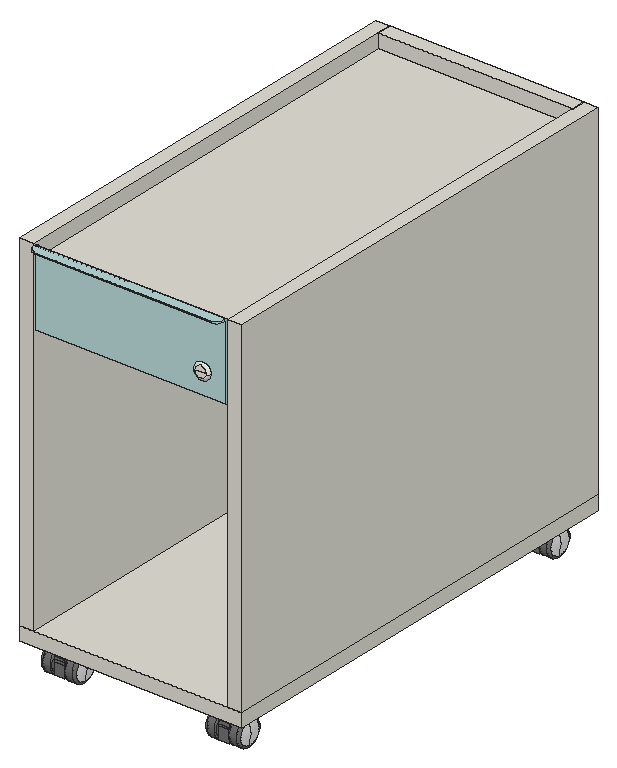
Revit family "Haworth_BeHold_Modular_SlimPedestal", category Furniture Systems, Revit 2018
Family settings
  Round Connector Dimension = Use Diameter
  Part Type = Normal
  OmniClass Number = 23.40.70.14.64.21
  OmniClass Title = Systems Furniture
  Work Plane-Based = No
  Always vertical = Yes
  Cut with Voids When Loaded = No
  Shared = No
  Room Calculation Point = No
Parameters (values of type "Mobile - Drawer/Open - Inset Back - 24d")
  With Lock = yes
  With Leg = no
  Warranty = "http://www.haworth.com/resources/product-info/warranties"
  URL - Product = "https://www.haworth.com/na/en/products/active-storage/be-hold.html"
  URL = "www.haworth.com"
  Two High = not(One and One Half High)  # no
  Trim Finish [instance] = Haworth _ Paint _ Smooth Plaster
  Top Visibility Control = Attached  # no
  Top Thickness = if(Attached, 1 31/256", 3/4")  # 3/4"
  Top Hinged Door Dimension = if(Attached, 1/8", 0")  # 0"
  Top Finish [instance] = Haworth _ Laminate _ Beige H-34
  Top Case Front Control = if(Hinged Doors, Case Thickness, 1/8")  # 1/8"
  Top Case Back Control = if(and(Inset Style, Attached), 3/16", 0")  # 0"
  Sustainability Info = "https://www.haworth.com/company-info/sustainability"
  Suspended = no
  Standard Heights = if(Attached, "2H", "1.5H")  # "1.5H"
  Standard Back = if(Attached, "Proud Back or Inset Back", "Inset Back")  # "Inset Back"
  Size = "Verify Final Dim. w/ Haworth"  # constant formula
  Side Case Front Control = if(Hinged Doors, Case Thickness, 0")  # 0"
  Side Case Back Control = if(Proud Style, Case Thickness, 0")  # 0"
  Shelf Finish [instance] = Haworth _ Paint _ Sky Blue
  Shelf = no
  Revision Number = "1"  # constant formula
  Proud Style = not(Inset Style)  # no
  Pedestal Shelf Offset = 13 3/16"  # constant formula
  Pedestal Shelf Depth = Actual Depth - Case Thickness  # 23 1/4"
  One and One Half High = yes
  Model = "Haworth Be_Hold"  # constant formula
  Mobile = yes
  Min. Width = 12"  # constant formula
  Min. Height = 20"  # constant formula
  Min. Depth = 16"  # constant formula
  Max. Width = 12"  # constant formula
  Max. Depth = 30"  # constant formula
  Max. Height = 28"  # constant formula
  Manufacturer = "Haworth"  # constant formula
  Leg Height = 6"  # constant formula
  Inset Style = yes
  Hinged Lock Offset = 1 3/4"  # constant formula
  Hinged Doors = not(Drawer and Open)  # no
  Hinge Door Lock Control = and(Hinged Doors, With Lock)  # no
  Glide Finish = Haworth _ Polymer _ Slate
  Glide Control = and(Attached, not(With Leg))  # no
  Front Finish [instance] = Haworth _ Laminate _ Beige H-34
  Front Edge Finish [instance] = Haworth _ Laminate _ Beige H-34
  Drawer and Open = yes
  Drawer Width = 10 9/32"  # constant formula
  Drawer Height = 4 1/8"  # constant formula
  Drawer Finish [instance] = Haworth _ Paint _ Sky Blue
  Description = "Haworth - Be_Hold - Slim Pedestal - Mobile - Drawer/Open"
  Depth = 24"
  Custom Size = not(or(and(Suspended, One and One Half High, Depth = 17"), and(Mobile, One and One Half High, or(Depth = 18", Depth = 24")), and(Attached, Two High, or(Depth = 16", Depth = 18", Depth = 24", Depth = 30"))))  # no
  Casters Side Offset = 1 9/16"  # constant formula
  Caster Front Offset = 1 7/8"  # constant formula
  Caster Finish = Haworth _ Polymer _ Slate
  Caster Back Offset = 1 3/16"  # constant formula
  Case Thickness = 3/4"  # constant formula
  Suspended Height Control = if(Suspended, 2", 0")  # 0"
  Case Height = if(Suspended, 18", if(Attached, 27 3/8", 19 1/2"))  # 19 1/2"
  Case Finish [instance] = Haworth _ Laminate _ Beige H-34
  Case Edge Finish [instance] = Haworth _ Laminate _ Beige H-34
  Bottom Case Offset = if(Mobile, 1 3/4", if(and(Attached, not(With Leg)), 1/2", if(and(Attached, With Leg), 6", 7 7/8")))  # 1 3/4"
  Back Case Side Control = if(Proud Style, 0", Case Thickness)  # 3/4"
  Back Case Back Control = if(and(Inset Style, Attached), 3/16", 0")  # 0"
  Author = "Haworth (Alias)"  # constant formula
  Attached = not(or(Mobile, Suspended))  # no
  Assembly Code = "E2020200"
  Actual Width = 12"  # constant formula
  Actual Pedestal Shelf = and(Shelf, Attached, Drawer and Open, Two High, Actual Depth > 17")  # no
  Actual Mounting Height = if(Suspended, 27 7/8", 0")  # 0"
  Actual Leg Control = and(With Leg, Attached)  # no
  Actual Height = if(and(Two High, Attached), 27 7/8", if(and(Mobile, One and One Half High), 21 1/4", 20"))  # 21 1/4"
  Actual Depth = if(Depth > Max. Depth, Max. Depth, if(Depth < Min. Depth, Min. Depth, Depth))  # 24"
  Standard Depths = if(Suspended, "17 in.", if(Mobile, "18, 24 in.", "16, 18, 24, 30 in."))  # "18, 24 in."
Types (6): name | Two High | Top Visibility Control | Top Thickness | Top Hinged Door Dimension | Top Case Front Control | Suspended | Standard Heights | Standard Back | Side Case Front Control | Side Case Back Control | Shelf | Proud Style | Pedestal Shelf Depth | One and One Half High | Mobile | Inset Style | Hinged Doors | Hinge Door Lock Control | Glide Control | Drawer and Open | Description | Depth | Suspended Height Control | Case Height | Bottom Case Offset | Back Case Side Control | Attached | Actual Pedestal Shelf | Actual Mounting Height | Actual Height | Actual Depth | Standard Depths
  Attached - Drawer/Open - Proud Back - 30d | yes | yes | 1 31/256" | 1/8" | 1/8" | no | "2H" | "Proud Back or Inset Back" | 0" | 3/4" | yes | yes | 29 1/4" | no | no | no | no | no | yes | yes | "Haworth - Be_Hold - Slim Pedestal - Attached - Drawer/Open" | 30" | 0" | 27 3/8" | 1/2" | 0" | yes | yes | 0" | 27 7/8" | 30" | "16, 18, 24, 30 in."
  Attached - Hinged Door - Proud Back - 30d | yes | yes | 1 31/256" | 1/8" | 3/4" | no | "2H" | "Proud Back or Inset Back" | 3/4" | 3/4" | no | yes | 29 1/4" | no | no | no | yes | yes | yes | no | "Haworth - Be_Hold - Slim Pedestal - Attached - Hinged Door" | 30" | 0" | 27 3/8" | 1/2" | 0" | yes | no | 0" | 27 7/8" | 30" | "16, 18, 24, 30 in."
  Suspended - Drawer/Open - Inset Back - 17d | no | no | 3/4" | 0" | 1/8" | yes | "1.5H" | "Inset Back" | 0" | 0" | no | no | 16 1/4" | yes | no | yes | no | no | no | yes | "Haworth - Be_Hold - Slim Pedestal - Suspended - Drawer/Open" | 17" | 2" | 18" | 7 7/8" | 3/4" | no | no | 27 7/8" | 20" | 17" | "17 in."
  Suspended - Hinged Door - Inset Back - 17d | no | no | 3/4" | 0" | 3/4" | yes | "1.5H" | "Inset Back" | 3/4" | 0" | no | no | 16 1/4" | yes | no | yes | yes | yes | no | no | "Haworth - Be_Hold - Slim Pedestal - Suspended - Hinged Door" | 17" | 2" | 18" | 7 7/8" | 3/4" | no | no | 27 7/8" | 20" | 17" | "17 in."
  Mobile - Drawer/Open - Inset Back - 24d | no | no | 3/4" | 0" | 1/8" | no | "1.5H" | "Inset Back" | 0" | 0" | no | no | 23 1/4" | yes | yes | yes | no | no | no | yes | "Haworth - Be_Hold - Slim Pedestal - Mobile - Drawer/Open" | 24" | 0" | 19 1/2" | 1 3/4" | 3/4" | no | no | 0" | 21 1/4" | 24" | "18, 24 in."
  Mobile - Hinged Door - Inset Back - 24d | no | no | 3/4" | 0" | 3/4" | no | "1.5H" | "Inset Back" | 3/4" | 0" | no | no | 23 1/4" | yes | yes | yes | yes | yes | no | no | "Haworth - Be_Hold - Slim Pedestal - Mobile - Hinged Door" | 24" | 0" | 19 1/2" | 1 3/4" | 3/4" | no | no | 0" | 21 1/4" | 24" | "18, 24 in."
Reference planes (in)
  plane 1: z = 0
  plane 2 "Center L/R": x = -6.17556
  plane 3 "Center F/B": y = -11.5
  plane 4 "Top": z = 21.25
  plane 5 "Back": y = 0.5
  plane 6 "Front": y = -23.5
  plane 7 "Right": x = -0.17556
  plane 8 "Left": x = -12.17556
  plane 9 "Case Inside Left": x = -11.42556
  plane 10 "Case Inside Right": x = -0.92556
  plane 11 "Case Inside Back": y = -0.25
  plane 12 "Case Bottom": z = 1.75
  plane 13 "Casters Left": x = -10.61306
  plane 14 "Casters Right": x = -1.73806
  plane 15 "Case Inside Front": y = -22.75
  plane 16 "Inside Case Bottom": z = 2.5
  plane 17 "Inside Case Top": z = 20.5
  plane 18 "Below Top Liner": z = 19.75
  plane 19 "Caster Front": y = -21.625
  plane 20 "Caster Back": y = -0.6875
  plane 21 "Lock T/B": z = 19.5
  plane 22 "Lock L/R": x = -1.92556
  plane 23 "Steel Shelf": z = 15.6875
Forms (in)
  Sweep 1, solid, material "Haworth _ Polymer _ Slate" <- "Glide Finish", visible <- "Glide Control"
    path origin (-11.42556, 0, 0) x (0, 1, 0) y (0, 0, 1)
      loop
        line (-22.75, 1.75) -> (-22.75, 1.25)
    profile origin (-11.42556, -22.75, 1.5) x (1, 0, 0) y (0, 1, 0)
      loop
        line (0, 2.00197) -> (0, 0.25)
        arc (0, 0.25) -> (0.07322, 0.07322) -> (0.25, 0) r 0.25
        line (0.25, 0) -> (2.00197, 0)
        arc (2.00197, 0) -> (2.17875, 0.07322) -> (2.25197, 0.25) r 0.25
        line (2.25197, 0.25) -> (2.25197, 0.70079) -> (0.70079, 2.25197) -> (0.25, 2.25197)
        arc (0.25, 2.25197) -> (0.07322, 2.17875) -> (0, 2.00197) r 0.25
  Sweep 2, solid, material "Haworth _ Polymer _ Slate" <- "Glide Finish", visible <- "Glide Control"
    path origin (-11.42556, -23, 0) x (0, -1, 0) y (0, 0, 1)
      loop
        line (-22.75, 1.75) -> (-22.75, 1.25)
    profile origin (-11.42556, -0.25, 1.5) x (1, 0, 0) y (0, 1, 0)
      loop
        arc (0, -2.00197) -> (0.07322, -2.17875) -> (0.25, -2.25197) r 0.25
        line (0.25, -2.25197) -> (0.70079, -2.25197) -> (2.25197, -0.70079) -> (2.25197, -0.25)
        arc (2.25197, -0.25) -> (2.17875, -0.07322) -> (2.00197, 0) r 0.25
        line (2.00197, 0) -> (0.25, 0)
        arc (0.25, 0) -> (0.07322, -0.07322) -> (0, -0.25) r 0.25
        line (0, -0.25) -> (0, -2.00197)
  Sweep 3, solid, material "Haworth _ Polymer _ Slate" <- "Glide Finish", visible <- "Glide Control"
    path origin (-0.92556, 0, 0) x (0, -1, 0) y (0, 0, 1)
      loop
        line (22.75, 1.75) -> (22.75, 1.25)
    profile origin (-0.92556, -22.75, 1.5) x (-1, 0, 0) y (0, -1, 0)
      loop
        arc (0, -2.00197) -> (0.07322, -2.17875) -> (0.25, -2.25197) r 0.25
        line (0.25, -2.25197) -> (0.70079, -2.25197) -> (2.25197, -0.70079) -> (2.25197, -0.25)
        arc (2.25197, -0.25) -> (2.17875, -0.07322) -> (2.00197, 0) r 0.25
        line (2.00197, 0) -> (0.25, 0)
        arc (0.25, 0) -> (0.07322, -0.07322) -> (0, -0.25) r 0.25
        line (0, -0.25) -> (0, -2.00197)
  Sweep 4, solid, material "Haworth _ Polymer _ Slate" <- "Glide Finish", visible <- "Glide Control"
    path origin (-0.92556, 0, 0) x (0, -1, 0) y (0, 0, 1)
      loop
        line (0.25, 1.75) -> (0.25, 1.25)
    profile origin (-0.92556, -0.25, 1.5) x (-1, 0, 0) y (0, -1, 0)
      loop
        line (0, 2.00197) -> (0, 0.25)
        arc (0, 0.25) -> (0.07322, 0.07322) -> (0.25, 0) r 0.25
        line (0.25, 0) -> (2.00197, 0)
        arc (2.00197, 0) -> (2.17875, 0.07322) -> (2.25197, 0.25) r 0.25
        line (2.25197, 0.25) -> (2.25197, 0.70079) -> (0.70079, 2.25197) -> (0.25, 2.25197)
        arc (0.25, 2.25197) -> (0.07322, 2.17875) -> (0, 2.00197) r 0.25
  Extrusion 5, solid, material "Haworth _ Laminate _ Beige H-34" <- "Case Finish"
    sketch origin (0, 0, 0) x (1, 0, 0) y (0, 1, 0)
      loop
        line (-12.17556, 0.5) -> (-12.17556, -23.5) -> (-0.17556, -23.5) -> (-0.17556, 0.5) -> (-12.17556, 0.5)
    from 1.75 to 2.5
  Sweep 6, solid, material "Haworth _ Laminate _ Beige H-34" <- "Case Finish"
    path origin (0, 0, 1.75) x (0, -1, 0) y (1, 0, 0)
      loop
        line (23.5, -12.17556) -> (23.5, -11.42556)
    profile origin (-11.80056, -23.5, 1.75) x (0, 1, 0) y (0, 0, 1)
      loop
        line (0, 19.5) -> (0, 0.75) -> (24, 0.75) -> (24, 19.5) -> (0, 19.5)
  Sweep 7, solid, material "Haworth _ Laminate _ Beige H-34" <- "Case Finish"
    path origin (-12.35111, 0, 1.75) x (0, -1, 0) y (-1, 0, 0)
      loop
        line (23.5, -12.17556) -> (23.5, -11.42556)
    profile origin (-0.55056, -23.5, 1.75) x (0, -1, 0) y (0, 0, 1)
      loop
        line (0, 19.5) -> (-24, 19.5) -> (-24, 0.75) -> (0, 0.75) -> (0, 19.5)
  Sweep 8, solid, material "Haworth _ Laminate _ Beige H-34" <- "Case Finish"
    path origin (0, 0, 1.75) x (0, -1, 0) y (1, 0, 0)
      loop
        line (0.25, -6.17556) -> (-0.5, -6.17556)
    profile origin (-6.17556, 0.125, 1.75) x (-1, 0, 0) y (0, 0, 1)
      loop
        line (-5.25, 0.75) -> (5.25, 0.75) -> (5.25, 19.5) -> (-5.25, 19.5) -> (-5.25, 0.75)
  Extrusion 9, solid, material "Haworth _ Laminate _ Beige H-34" <- "Top Finish"
    sketch origin (0, 0, 1.75) x (0, -1, 0) y (1, 0, 0)
      loop
        line (0.25, -11.42556) -> (23.375, -11.42556) -> (23.375, -0.92556) -> (0.25, -0.92556) -> (0.25, -11.42556)
    from 18 to 18.75
  Extrusion 10, solid, material "Haworth _ Laminate _ Beige H-34" <- "Top Finish", visible <- "Top Visibility Control"
    sketch origin (0, 0, 1.75) x (0, -1, 0) y (1, 0, 0)
      loop
        line (0.25, -11.42556) -> (23.375, -11.42556) -> (23.375, -0.92556) -> (0.25, -0.92556) -> (0.25, -11.42556)
    from 18.75 to 19.5
  Sweep 11, solid, material "Haworth _ Laminate _ Beige H-34" <- "Front Finish", visible <- "Hinged Doors"
    path origin (0, 0, 1.75) x (0, -1, 0) y (1, 0, 0)
      loop
        line (23.5, -6.17556) -> (22.75, -6.17556)
    profile origin (-6.17556, -23.125, 1.75) x (-1, 0, 0) y (0, 0, 1)
      loop
        line (5.9375, 19.5) -> (-5.9375, 19.5) -> (-5.9375, 0.875) -> (5.9375, 0.875) -> (5.9375, 19.5)
  Revolve 12, solid, material "Haworth _ Paint _ Smooth Plaster" <- "Trim Finish", visible <- "Hinge Door Lock Control"
    sketch origin (0, 0, 19.5) x (0, -1, 0) y (1, 0, 0)
      loop
        line (23.62502, -1.92556) -> (23.62502, -1.62371)
        arc (23.62502, -1.62371) -> (23.58899, -1.53148) -> (23.5, -1.48807) r 0.13609
        line (23.5, -1.48807) -> (23.5, -1.92556) -> (23.62502, -1.92556)
      axis (23.5, -1.92556) -> (23.62502, -1.92556)
    angle from 0 to 360
  Sweep 13, solid, material "Haworth _ Paint _ Smooth Plaster" <- "Trim Finish", visible <- "Suspended"
    path origin (0, 0, 20.5) x (0, -1, 0) y (1, 0, 0)
      loop
        line (0.25, -11.42556) -> (0.25, -0.92556)
    profile origin (-6.17556, -0.25, 20.5) x (0, 1, 0) y (0, 0, 1)
      loop
        arc (-8.38053, 0.09) -> (-8.40138, 0.09864) -> (-8.41001, 0.11948) r 0.02949
        line (-8.41001, 0.11948) -> (-8.41001, 2.62878)
        arc (-8.41001, 2.62878) -> (-8.40078, 2.65108) -> (-8.37848, 2.66031) r 0.03153
        line (-8.37848, 2.66031) -> (-7.00001, 2.66031) -> (-7.00001, 2.75031) -> (-8.37639, 2.75031)
        arc (-8.37639, 2.75031) -> (-8.4638, 2.71411) -> (-8.50001, 2.6267) r 0.12361
        line (-8.50001, 2.6267) -> (-8.50001, 0.1237)
        arc (-8.50001, 0.1237) -> (-8.46378, 0.03623) -> (-8.37631, 0) r 0.1237
        line (-8.37631, 0) -> (-0.125, 0)
        arc (-0.125, 0) -> (-0.03661, 0.03661) -> (0, 0.125) r 0.125
        line (0, 0.125) -> (0, 2.62479)
        arc (0, 2.62479) -> (-0.03676, 2.71355) -> (-0.12552, 2.75031) r 0.12552
        line (-0.12552, 2.75031) -> (-1.5, 2.75031) -> (-1.5, 2.66031) -> (-0.12098, 2.66031)
        arc (-0.12098, 2.66031) -> (-0.09907, 2.65124) -> (-0.09, 2.62933) r 0.03098
        line (-0.09, 2.62933) -> (-0.09, 0.12032)
        arc (-0.09, 0.12032) -> (-0.09888, 0.09888) -> (-0.12032, 0.09) r 0.03032
        line (-0.12032, 0.09) -> (-8.38053, 0.09)
Lines and regions (in)
  Masking region 1
    outline origin (0, 0, 20.5) x (0, -1, 0) y (1, 0, 0)
      loop
        line (-0.5, -12.17556) -> (23.5, -12.17556) -> (23.5, -0.17556) -> (-0.5, -0.17556) -> (-0.5, -12.17556)
  symbolic lines, style "Haworth", visible <- "Hinged Doors", detail levels medium+fine
    curve 1: line (-12.17556, -22.75, 20.5) -> (-0.17556, -22.75, 20.5)
    curve 2: line (-0.17556, -23.5, 20.5) -> (-11.64593, -26.57348, 20.5)
Dimensions and locks (in)
  equal spacing: plane 8 "Left", plane 2 "Center L/R", plane 7 "Right"
  "Actual Width": plane 8 "Left" to plane 7 "Right"
  equal spacing: plane 5 "Back", plane 3 "Center F/B", plane 6 "Front"
  "Actual Depth": plane 5 "Back" to plane 6 "Front"
  "Case Thickness": plane 9 "Case Inside Left" to plane 8 "Left"
  "Case Thickness": plane 10 "Case Inside Right" to plane 7 "Right"
  "Bottom Case Offset": plane 12 "Case Bottom" to plane 1
  "Casters Side Offset": plane 13 "Casters Left" to plane 8 "Left"
  "Casters Side Offset": plane 14 "Casters Right" to plane 7 "Right"
  "Case Thickness": plane 11 "Case Inside Back" to plane 5 "Back"
  "Case Thickness": plane 6 "Front" to plane 15 "Case Inside Front"
  locked: Sweep 1 sketch curve to plane 12 "Case Bottom" at 0.5
  locked: Sweep 2 sketch curve to plane 12 "Case Bottom" at 0.5
  locked: Sweep 4 sketch curve to plane 12 "Case Bottom" at 0.5
  locked: Sweep 3 sketch curve to plane 12 "Case Bottom" at 0.5
  "Case Thickness": plane 16 "Inside Case Bottom" to plane 12 "Case Bottom"
  "Case Thickness": plane 17 "Inside Case Top" to plane 18 "Below Top Liner"
  "Top Thickness": plane 4 "Top" to plane 17 "Inside Case Top"
  "Side Case Back Control": Sweep 6 sketch curve to plane 5 "Back"
  "Side Case Front Control": plane 6 "Front" to Sweep 6 sketch curve
  "Side Case Front Control": plane 6 "Front" to Sweep 7 sketch curve
  "Side Case Back Control": Sweep 7 sketch curve to plane 5 "Back"
  "Back Case Side Control": Sweep 8 sketch curve to plane 7 "Right"
  "Back Case Side Control": Sweep 8 sketch curve to plane 8 "Left"
  locked: Extrusion 9 sketch curve to plane 6 "Front" at 0.125
  locked: Sweep 11 sketch curve to plane 7 "Right" at 0.0625
  locked: Sweep 11 sketch curve to plane 8 "Left" at 0.0625
  "Caster Back Offset": plane 20 "Caster Back" to plane 5 "Back"
  "Caster Front Offset": plane 6 "Front" to plane 19 "Caster Front"
  "Hinged Lock Offset": plane 4 "Top" to plane 21 "Lock T/B"
  "Hinged Lock Offset": plane 7 "Right" to plane 22 "Lock L/R"
  locked: Revolve 12 sketch curve to plane 6 "Front" at 0.12502
  locked: plane 22 "Lock L/R" to Revolve 12 sketch curve at 0.43748
  "Top Case Front Control": Extrusion 10 sketch curve to plane 6 "Front"
  "Case Height": plane 4 "Top" to plane 12 "Case Bottom"
  locked: Sweep 11 sketch curve to plane 16 "Inside Case Bottom" at 0.125
  "Top Hinged Door Dimension": plane 4 "Top" to Sweep 11 sketch curve
  "Case Thickness": Sweep 8 sketch curve to Sweep 8 sketch curve
  "Back Case Back Control": plane 5 "Back" to Sweep 8 sketch curve
  "Top Case Back Control": Extrusion 10 sketch curve to plane 11 "Case Inside Back"
  "Pedestal Shelf Offset": plane 23 "Steel Shelf" to plane 16 "Inside Case Bottom"
  "Top Case Back Control": nested 6 to plane 11 "Case Inside Back"
  aligned and locked: Sweep 1 sketch curve to plane 15 "Case Inside Front"
  aligned and locked: plane 12 "Case Bottom" to Sweep 1 sketch curve
  aligned and locked: plane 11 "Case Inside Back" to Sweep 2 sketch curve
  aligned and locked: plane 12 "Case Bottom" to Sweep 2 sketch curve
  aligned and locked: plane 11 "Case Inside Back" to Sweep 4 sketch curve
  aligned and locked: plane 12 "Case Bottom" to Sweep 4 sketch curve
  aligned and locked: Sweep 3 sketch curve to plane 15 "Case Inside Front"
  aligned and locked: plane 12 "Case Bottom" to Sweep 3 sketch curve
  aligned and locked: Extrusion 5 sketch curve to plane 7 "Right"
  aligned and locked: Extrusion 5 sketch curve to plane 5 "Back"
  aligned and locked: plane 8 "Left" to Extrusion 5 sketch curve
  aligned and locked: plane 6 "Front" to Extrusion 5 sketch curve
  aligned and locked: plane 12 "Case Bottom" to Extrusion 5
  aligned and locked: plane 16 "Inside Case Bottom" to Extrusion 5
  aligned and locked: plane 8 "Left" to Sweep 6 sketch curve
  aligned and locked: Sweep 6 sketch curve to plane 9 "Case Inside Left"
  aligned and locked: Sweep 6 sketch curve to plane 6 "Front"
  aligned and locked: Sweep 6 sketch curve to plane 4 "Top"
  aligned and locked: plane 16 "Inside Case Bottom" to Sweep 6 sketch curve
  aligned and locked: plane 6 "Front" to Sweep 7 sketch curve
  aligned and locked: plane 7 "Right" to Sweep 7 sketch curve
  aligned and locked: plane 10 "Case Inside Right" to Sweep 7 sketch curve
  aligned and locked: plane 16 "Inside Case Bottom" to Sweep 7 sketch curve
  aligned and locked: Sweep 7 sketch curve to plane 4 "Top"
  aligned and locked: plane 2 "Center L/R" to Sweep 8 sketch curve
  aligned and locked: plane 4 "Top" to Sweep 8 sketch curve
  aligned and locked: Sweep 8 sketch curve to plane 16 "Inside Case Bottom"
  aligned and locked: Extrusion 9 sketch curve to plane 10 "Case Inside Right"
  aligned and locked: Extrusion 9 sketch curve to plane 9 "Case Inside Left"
  aligned and locked: plane 11 "Case Inside Back" to Extrusion 9 sketch curve
  aligned and locked: Extrusion 9 to plane 17 "Inside Case Top"
  aligned and locked: plane 18 "Below Top Liner" to Extrusion 9
  aligned and locked: Extrusion 10 sketch curve to plane 10 "Case Inside Right"
  aligned and locked: Extrusion 10 sketch curve to plane 9 "Case Inside Left"
  aligned and locked: plane 4 "Top" to Extrusion 10
  aligned and locked: plane 17 "Inside Case Top" to Extrusion 10
  aligned and locked: plane 6 "Front" to Sweep 11 sketch curve
  aligned and locked: plane 15 "Case Inside Front" to Sweep 11 sketch curve
  aligned and locked: plane 2 "Center L/R" to Sweep 11 sketch curve
  aligned and locked: nested 1 to plane 6 "Front"
  aligned and locked: plane 4 "Top" to nested 1
  aligned and locked: plane 2 "Center L/R" to nested 1
  aligned and locked: nested 4 to plane 12 "Case Bottom"
  aligned and locked: nested 2 to plane 12 "Case Bottom"
  aligned and locked: nested 5 to plane 12 "Case Bottom"
  aligned and locked: nested 3 to plane 12 "Case Bottom"
  aligned and locked: plane 20 "Caster Back" to nested 4
  aligned and locked: plane 20 "Caster Back" to nested 5
  aligned and locked: nested 2 to plane 19 "Caster Front"
  aligned and locked: nested 3 to plane 19 "Caster Front"
  aligned and locked: nested 2 to plane 13 "Casters Left"
  aligned and locked: plane 13 "Casters Left" to nested 4
  aligned and locked: nested 3 to plane 14 "Casters Right"
  aligned and locked: nested 5 to plane 14 "Casters Right"
  aligned and locked: Revolve 12 sketch curve to plane 22 "Lock L/R"  (x2)
  aligned and locked: Revolve 12 sketch curve to plane 6 "Front"
  aligned and locked: plane 11 "Case Inside Back" to Sweep 13 sketch curve
  aligned and locked: Sweep 13 sketch curve to plane 10 "Case Inside Right"
  aligned and locked: plane 9 "Case Inside Left" to Sweep 13 sketch curve
  aligned and locked: Masking region 1 sketch curve to plane 7 "Right"
  aligned and locked: Masking region 1 sketch curve to plane 5 "Back"
  aligned and locked: plane 8 "Left" to Masking region 1 sketch curve
  aligned and locked: plane 6 "Front" to Masking region 1 sketch curve
  aligned and locked: curve 1 to plane 15 "Case Inside Front"
  aligned and locked: plane 2 "Center L/R" to nested 6
  aligned and locked: plane 23 "Steel Shelf" to nested 6
Automatic sketch dimensions
  Sweep 1 sketch curve to plane 9 "Case Inside Left" = 0"
  profile plane to Sweep 1 sketch curve = 0"
  plane 9 "Case Inside Left" to Sweep 1 sketch curve = 1/4"
  Sweep 1 sketch curve to Sweep 1 sketch curve = 1/4"
  Sweep 1 sketch curve to Sweep 1 sketch curve = 0.45079"  (x2)
  Sweep 1 sketch curve to profile plane = 1/4"
  Sweep 1 sketch curve to Sweep 1 sketch curve = 1.75197"  (x2)
  Sweep 2 sketch curve to plane 9 "Case Inside Left" = 0"
  profile plane to Sweep 2 sketch curve = 0"
  Sweep 2 sketch curve to Sweep 2 sketch curve = 1/4"  (x2)
  Sweep 2 sketch curve to Sweep 2 sketch curve = 0.45079"  (x2)
  profile plane to Sweep 2 sketch curve = 1/4"
  Sweep 2 sketch curve to Sweep 2 sketch curve = 1.75197"  (x2)
  Sweep 3 sketch curve to plane 10 "Case Inside Right" = 0"
  Sweep 3 sketch curve to profile plane = 0"
  plane 10 "Case Inside Right" to Sweep 3 sketch curve = 1/4"  (x2)
  Sweep 3 sketch curve to Sweep 3 sketch curve = 0.45079"  (x2)
  profile plane to Sweep 3 sketch curve = 1/4"
  Sweep 3 sketch curve to Sweep 3 sketch curve = 1.75197"  (x2)
  Sweep 4 sketch curve to plane 10 "Case Inside Right" = 0"
  Sweep 4 sketch curve to profile plane = 0"
  plane 10 "Case Inside Right" to Sweep 4 sketch curve = 1/4"  (x2)
  Sweep 4 sketch curve to Sweep 4 sketch curve = 0.45079"  (x2)
  Sweep 4 sketch curve to profile plane = 1/4"
  Sweep 4 sketch curve to Sweep 4 sketch curve = 1.75197"  (x2)
  plane 6 "Front" to Revolve 12 sketch curve = 0.01107"
  plane 19 "Caster Front" to Revolve 12 sketch curve = 1 1/8"
  Revolve 12 sketch curve to Revolve 12 sketch curve = 1 5/8"
  Sweep 13 sketch curve to plane 17 "Inside Case Top" = 2.6267"
  profile plane to Sweep 13 sketch curve = 8 1/2"
  Sweep 13 sketch curve to Sweep 13 sketch curve = 0.09"  (x2)
  Sweep 13 sketch curve to Sweep 13 sketch curve = 0.02949"
  Sweep 13 sketch curve to Sweep 13 sketch curve = 0.03153"
  Sweep 13 sketch curve to Sweep 13 sketch curve = 0.00209"
  Sweep 13 sketch curve to Sweep 13 sketch curve = 0.00422"
  Sweep 13 sketch curve to Sweep 13 sketch curve = 1.37639"
  Sweep 13 sketch curve to plane 17 "Inside Case Top" = 2.66031"
  Sweep 13 sketch curve to Sweep 13 sketch curve = 5 1/2"
  Sweep 13 sketch curve to Sweep 13 sketch curve = 1.37448"
  Sweep 13 sketch curve to plane 17 "Inside Case Top" = 1/8"
  Sweep 13 sketch curve to Sweep 13 sketch curve = 0.00052"
  Sweep 13 sketch curve to Sweep 13 sketch curve = 0.00454"  (x2)
  Sweep 13 sketch curve to Sweep 13 sketch curve = 0.00468"
  Sweep 13 sketch curve to Sweep 13 sketch curve = 0.03098"
  Sweep 13 sketch curve to Sweep 13 sketch curve = 0.035"
  Sweep 13 sketch curve to Sweep 13 sketch curve = 0.00208"
  curve 2 to plane 6 "Front" = 0"
  curve 1 to plane 8 "Left" = 0"
  curve 2 to plane 7 "Right" = 0"
  curve 1 to plane 7 "Right" = 0"
  curve 2 to plane 9 "Case Inside Left" = 0.22037"
  curve 2 to plane 6 "Front" = 3.07348"
Nested families (in)
  nested 1: "Haworth_BeHold_SlimPersonalDrawer_PART" at (-6.17556, -22.36287, 17.125), visible <- "Drawer and Open", Drawer Height <- "Drawer Height", type "Personal Drawer"
    with Drawer Height 4 1/8"
  nested 2: "Haworth_BeHold_Casters_PART" at (-10.61306, -22.77079, 0), visible <- "Mobile", type "Casters"
  nested 3: "Haworth_BeHold_Casters_PART" at (-1.73806, -22.77079, 0), visible <- "Mobile", type "Casters"
  nested 4: "Haworth_BeHold_Casters_PART" at (-10.61306, -1.83329, 0), visible <- "Mobile", type "Casters"
  nested 5: "Haworth_BeHold_Casters_PART" at (-1.73806, -1.83329, 0), visible <- "Mobile", type "Casters"
  nested 6: "Haworth_BeHold_Accessory_PedestalShelf_BUILD Luqman" at (0, -0.375, 15.6875), visible <- "Actual Pedestal Shelf", type "Shelf"
    with Depth 23 1/4", Custom Size yes, Actual Depth 23 1/4"
Definition of nested family "Haworth_BeHold_SlimPersonalDrawer_PART"
  Parameters (values of type "Personal Drawer")
    With Lock = yes
    Warranty = "http://www.haworth.com/resources/product-info/warranties"
    URL - Product = ""
    URL = "www.haworth.com"
    Trim Finish = none
    Revision Number = "1"  # constant formula
    Note = "Verify Final Dim. w/ Haworth"  # constant formula
    Model = "Haworth Be_Hold"  # constant formula
    Manufacturer = "Haworth"  # constant formula
    Lock Offset Top = 2 61/64"  # constant formula
    Lock Offset Side = 1 17/64"  # constant formula
    Drawer Width = 10 9/32"
    Drawer Height [instance] = 4 1/8"
    Drawer Finish = none
    Description = "Haworth - Be_Hold - Personal Drawer Part"
    Author = "Haworth (Alias)"  # constant formula
    Assembly Code = ""
  Reference planes (in)
    plane 1 "Drawer Back": y = -1.13713
    plane 2: z = 0
    plane 3 "Center L/R": x = 0
    plane 4 "Drawer Front": y = -1.70215
    plane 5 "Left": x = -5.14062
    plane 6 "Right": x = 5.14063
    plane 7 "Top": z = 4.125
    plane 8 "Hardware Start": y = -1.07717
    plane 9 "Lock Side": x = 3.875
    plane 10 "Lock Horizontal": z = 1.17188
  Forms (in)
    Revolve 1, solid, material <- "Trim Finish", visible <- "With Lock"
      sketch origin (0, 0, 1.17188) x (-1, 0, 0) y (0, -1, 0)
        loop
          line (-3.875, 1.13713) -> (-3.875, 1.2621) -> (-4.18756, 1.2621)
          arc (-4.18756, 1.2621) -> (-4.27593, 1.2255) -> (-4.31253, 1.13713) r 0.12497
          line (-4.31253, 1.13713) -> (-3.875, 1.13713)
        axis (-3.875, 1.13713) -> (-3.875, 1.2621)
      angle from 0 to 360
    Sweep 2, solid, material <- "Drawer Finish"
      path origin (0, 0, 4.125) x (-1, 0, 0) y (0, -1, 0)
        loop
          line (5.14062, 1.13713) -> (-5.14063, 1.13713)
      profile origin (0, -1.13713, 4.125) x (0, 1, 0) y (0, 0, 1)
        loop
          line (-0.03378, 0) -> (-0.56502, 0) -> (-0.56502, -0.06) -> (-0.02974, -0.06)
          arc (-0.02974, -0.06) -> (-0.00871, -0.06871) -> (0, -0.08974) r 0.02974
          line (0, -0.08974) -> (0, -4.125) -> (0.05997, -4.125) -> (0.05997, -3.68359) -> (13.06, -3.68359) -> (13.06, -3.625) -> (0.05997, -3.625) -> (0.05997, -0.09375)
          arc (0.05997, -0.09375) -> (0.03251, -0.02746) -> (-0.03378, 0) r 0.09375
    Extrusion 3, void
      sketch origin (0, 0, 4.125) x (-1, 0, 0) y (0, -1, 0)
        loop
          line (-5.14063, 1.70215) -> (-5.14063, 1.28903)
          arc (-5.14063, 1.28903) -> (-5.01963, 1.58115) -> (-4.72751, 1.70215) r 0.41312
          line (-4.72751, 1.70215) -> (-5.14063, 1.70215)
        loop
          line (5.14062, 1.70215) -> (4.72751, 1.70215)
          arc (4.72751, 1.70215) -> (5.01963, 1.58115) -> (5.14062, 1.28903) r 0.41312
          line (5.14062, 1.28903) -> (5.14062, 1.70215)
      from -2.95312 to 0
  Cuts and joins
    Extrusion 3 cuts Sweep 2
  Lines and regions (in)
    Masking region 1, detail levels medium+fine
      outline origin (0, 0, 1.17188) x (-1, 0, 0) y (0, -1, 0)
        loop
          line (5.14062, -11.92286) -> (5.14062, 1.2959)
          arc (5.14062, 1.2959) -> (5.02164, 1.58316) -> (4.73437, 1.70215) r 0.40625
          line (4.73437, 1.70215) -> (-4.73438, 1.70215)
          arc (-4.73438, 1.70215) -> (-5.02164, 1.58316) -> (-5.14063, 1.2959) r 0.40625
          line (-5.14063, 1.2959) -> (-5.14063, -11.92286) -> (5.14062, -11.92286)
  Dimensions and locks (in)
    equal spacing: plane 5 "Left", plane 3 "Center L/R", plane 6 "Right"
    "Drawer Width": plane 5 "Left" to plane 6 "Right"
    "Drawer Height": plane 7 "Top" to level
    "Lock Offset Side": plane 9 "Lock Side" to plane 6 "Right"
    "Lock Offset Top": plane 7 "Top" to plane 10 "Lock Horizontal"
    locked: plane 9 "Lock Side" to Revolve 1 sketch curve at 0.43753
    locked: plane 4 "Drawer Front" to plane 8 "Hardware Start" at 0.62498
    locked: plane 1 "Drawer Back" to plane 8 "Hardware Start" at 0.05997
    locked: Revolve 1 sketch curve to plane 1 "Drawer Back" at 0.12497
    locked: plane 4 "Drawer Front" to Masking region 1 sketch curve at 13.62502
    radius of Extrusion 3 sketch curve = 0.41312"  (x2)
    aligned and locked: plane 9 "Lock Side" to Revolve 1 sketch curve  (x2)
    aligned and locked: Masking region 1 sketch curve to plane 6 "Right"
    aligned and locked: plane 4 "Drawer Front" to Masking region 1 sketch curve
    aligned and locked: plane 5 "Left" to Masking region 1 sketch curve
    aligned and locked: plane 1 "Drawer Back" to Sweep 2 sketch curve
    aligned and locked: plane 6 "Right" to Sweep 2 sketch curve
    aligned and locked: plane 5 "Left" to Sweep 2 sketch curve
    aligned and locked: plane 1 "Drawer Back" to Revolve 1 sketch curve
    aligned and locked: Extrusion 3 sketch curve to plane 6 "Right"
    aligned and locked: plane 4 "Drawer Front" to Extrusion 3 sketch curve
    aligned and locked: plane 5 "Left" to Extrusion 3 sketch curve
    aligned and locked: Extrusion 3 sketch curve to plane 4 "Drawer Front"
    aligned and locked: Extrusion 3 to plane 10 "Lock Horizontal"
    aligned and locked: plane 7 "Top" to Extrusion 3
  Automatic sketch dimensions
    Revolve 1 sketch curve to plane 8 "Hardware Start" = 0.36577"
    Revolve 1 sketch curve to Revolve 1 sketch curve = 0.41501"
    profile plane to Sweep 2 sketch curve = 0.02974"
    Sweep 2 sketch curve to Sweep 2 sketch curve = 0.00405"
    Sweep 2 sketch curve to profile plane = 0.05997"  (x2)
    Sweep 2 sketch curve to Sweep 2 sketch curve = 13.00003"
    Sweep 2 sketch curve to Sweep 2 sketch curve = 3 17/32"
    Sweep 2 sketch curve to Sweep 2 sketch curve = 0.00401"
    Sweep 2 sketch curve to Sweep 2 sketch curve = 17/32"
    Sweep 2 sketch curve to Sweep 2 sketch curve = 113/256"
    Sweep 2 sketch curve to plane 7 "Top" = 4 1/8"
    Sweep 2 sketch curve to profile plane = 0"
    Sweep 2 sketch curve to Sweep 2 sketch curve = 15/256"
    Extrusion 3 sketch curve to plane 6 "Right" = 0"
    Extrusion 3 sketch curve to plane 5 "Left" = 0"
    Extrusion 3 sketch curve to Extrusion 3 sketch curve = 0"  (x2)
    plane 6 "Right" to Masking region 1 sketch curve = 13/32"
    plane 1 "Drawer Back" to Masking region 1 sketch curve = 0.15877"
Definition of nested family "Haworth_BeHold_Casters_PART"
  Parameters (values of type "Casters")
    Warranty = "http://www.haworth.com/product-info/warranties"
    Version = "1"  # constant formula
    URL - Product = ""
    URL = "http://www.haworth.com/our-brands/haworth-collection"
    Size = "Verify Final Dim. w/ Haworth"  # constant formula
    Model = "Haworth Be_Hold"  # constant formula
    Manufacturer = "Haworth"  # constant formula
    Description = "Haworth Be_Hold Casters - Part"
    Caster Finish = none
    Author = "Haworth (Alias)"  # constant formula
    Assembly Code = "E2020200"
  Reference planes (in)
    plane 1 "Center Front/Back": y = 1.14579
    plane 2: z = 0
    plane 3 "Center Left/Right": x = 0
    plane 4 "Caster Center": y = 0.5887
    plane 5 "Center Height": z = 0.72835
  Forms (in)
    Revolve 1, solid, material <- "Caster Finish"
      sketch origin (0, 0.5887, 0) x (-1, 0, 0) y (0, 0, 1)
        loop
          line (-0.99211, 0.72835) -> (0.99211, 0.72835)
          arc (0.99211, 0.72835) -> (0.97517, 1.03743) -> (0.92912, 1.34354) r 3.27488
          arc (0.92912, 1.34354) -> (0.8804, 1.42478) -> (0.7912, 1.45669) r 0.14063
          line (0.7912, 1.45669) -> (0.38942, 1.45669)
          arc (0.38942, 1.45669) -> (0.35627, 1.44296) -> (0.34254, 1.40982) r 0.04688
          line (0.34254, 1.40982) -> (0.34254, 1.00984) -> (0.20476, 1.00984) -> (0.20476, 0.94308) -> (-0.20471, 0.94308) -> (-0.20471, 1.00984) -> (-0.3425, 1.00984) -> (-0.3425, 1.40982)
          arc (-0.3425, 1.40982) -> (-0.35623, 1.44296) -> (-0.38937, 1.45669) r 0.04688
          line (-0.38937, 1.45669) -> (-0.79041, 1.45669)
          arc (-0.79041, 1.45669) -> (-0.88024, 1.42455) -> (-0.92928, 1.34272) r 0.14159
          arc (-0.92928, 1.34272) -> (-0.97521, 1.03702) -> (-0.99211, 0.72835) r 3.27488
        axis (0.99211, 0.72835) -> (-0.99211, 0.72835)
      angle from 0 to 360
    Revolve 2, solid, material <- "Caster Finish"
      sketch origin (0, 1.14579, 0) x (1, 0, 0) y (0, 0, 1)
        loop
          line (0, 1.62008) -> (0, 1.29331) -> (0.18402, 1.29331) -> (0.18402, 1.36417) -> (0.24504, 1.36417)
          arc (0.24504, 1.36417) -> (0.29271, 1.43635) -> (0.27837, 1.52165) r 0.11804
          line (0.27837, 1.52165) -> (0.17715, 1.52165) -> (0.43304, 1.62008) -> (0, 1.62008)
        axis (0, 1.62008) -> (0, 1.29331)
      angle from 0 to 360
    Sweep 3, solid, material <- "Caster Finish"
      path origin (0, 0, 0) x (1, 0, 0) y (0, 1, 0)
        loop
          line (-0.27557, 0.5887) -> (0.27557, 0.5887)
      profile origin (0, 0.5887, 0) x (0, 1, 0) y (0, 0, 1)
        loop
          line (0.82585, 1.29331) -> (0.23817, 1.29331) -> (0.23817, 1.45079) -> (0, 1.45079)
          arc (0, 1.45079) -> (-0.29766, 1.38662) -> (-0.54244, 1.2055) r 0.72243
          arc (-0.54244, 1.2055) -> (-0.55468, 1.18597) -> (-0.56009, 1.16356) r 0.07169
          line (-0.56009, 1.16356) -> (-0.57214, 1.00443)
          arc (-0.57214, 1.00443) -> (-0.57562, 0.94304) -> (-0.57678, 0.88156) r 1.62789
          line (-0.57678, 0.88156) -> (-0.57678, 0.23819) -> (0.6696, 0.23819)
          arc (0.6696, 0.23819) -> (0.78009, 0.28395) -> (0.82585, 0.39444) r 0.15625
          line (0.82585, 0.39444) -> (0.82585, 1.29331)
    Extrusion 4, solid, material <- "Caster Finish"
      sketch origin (0, 0, 0) x (1, 0, 0) y (0, 1, 0)
        loop
          arc (-0.78522, 1.74615) -> (-0.9399, 1.68208) -> (-1.00397, 1.5274) r 0.21875
          line (-1.00397, 1.5274) -> (-1.00397, 0.76414)
          arc (-1.00397, 0.76414) -> (-0.9399, 0.60946) -> (-0.78522, 0.54539) r 0.21875
          line (-0.78522, 0.54539) -> (0.7835, 0.54539)
          arc (0.7835, 0.54539) -> (0.93936, 0.60995) -> (1.00392, 0.76582) r 0.22042
          line (1.00392, 0.76582) -> (1.00392, 1.5274)
          arc (1.00392, 1.5274) -> (0.93985, 1.68208) -> (0.78517, 1.74615) r 0.21875
          line (0.78517, 1.74615) -> (-0.78522, 1.74615)
      from 1.62008 to 1.75
  Lines and regions (in)
    Masking region 1
      outline origin (0, 0, 0) x (1, 0, 0) y (0, 1, 0)
        loop
          line (-0.38942, 1.31704) -> (-0.7912, 1.31704)
          arc (-0.7912, 1.31704) -> (-0.88083, 1.28478) -> (-0.92933, 1.2028) r 0.14063
          arc (-0.92933, 1.2028) -> (-0.98745, 0.5887) -> (-0.92933, -0.02541) r 3.27344
          arc (-0.92933, -0.02541) -> (-0.88083, -0.10739) -> (-0.7912, -0.13965) r 0.14063
          line (-0.7912, -0.13965) -> (-0.38942, -0.13965)
          arc (-0.38942, -0.13965) -> (-0.35627, -0.12592) -> (-0.34254, -0.09278) r 0.04688
          line (-0.34254, -0.09278) -> (-0.34254, 0.3072) -> (-0.20476, 0.3072) -> (-0.20476, 0.37396) -> (0.20471, 0.37396) -> (0.20471, 0.3072) -> (0.3425, 0.3072) -> (0.3425, -0.09278)
          arc (0.3425, -0.09278) -> (0.35623, -0.12592) -> (0.38937, -0.13965) r 0.04688
          line (0.38937, -0.13965) -> (0.79041, -0.13965)
          arc (0.79041, -0.13965) -> (0.88014, -0.10759) -> (0.92923, -0.02592) r 0.14159
          arc (0.92923, -0.02592) -> (0.98745, 0.5887) -> (0.92923, 1.20332) r 3.27344
          arc (0.92923, 1.20332) -> (0.88014, 1.28498) -> (0.79041, 1.31704) r 0.14159
          line (0.79041, 1.31704) -> (0.38937, 1.31704)
          arc (0.38937, 1.31704) -> (0.35623, 1.30331) -> (0.3425, 1.27017) r 0.04688
          line (0.3425, 1.27017) -> (0.3425, 0.87019) -> (0.20471, 0.87019) -> (0.20471, 0.80343) -> (-0.20476, 0.80343) -> (-0.20476, 0.87019) -> (-0.34254, 0.87019) -> (-0.34254, 1.27017)
          arc (-0.34254, 1.27017) -> (-0.35627, 1.30331) -> (-0.38942, 1.31704) r 0.04688
  Dimensions and locks (in)
    locked: plane 5 "Center Height" to plane 2 at 0.72835
    equal spacing: Sweep 3 sketch curve, plane 3 "Center Left/Right", Sweep 3 sketch curve, locked at 0.27557 each
    aligned and locked: level to plane 2
    aligned and locked: plane 5 "Center Height" to Revolve 1 sketch curve
    aligned and locked: Revolve 1 sketch curve to plane 5 "Center Height"
    aligned and locked: Sweep 3 sketch curve to plane 4 "Caster Center"
    aligned and locked: Revolve 2 sketch curve to plane 3 "Center Left/Right"  (x2)
Definition of nested family "Haworth_BeHold_Accessory_PedestalShelf_BUILD Luqman"
  Parameters (values of type "30d")
    Warranty = "http://www.haworth.com/resources/product-info/warranties"
    URL - Product = ""
    URL = "www.haworth.com"
    Trim Finish = none
    Sustainability Info = "https://www.haworth.com/company-info/sustainability"
    Size = "Verify Final Dim. w/ Haworth"  # constant formula
    Revision Number = "1"  # constant formula
    Model = "Haworth Be_Hold"  # constant formula
    Min. Width = 12"  # constant formula
    Min. Depth = 18"  # constant formula
    Max. Width = 12"  # constant formula
    Max. Depth = 30"  # constant formula
    Manufacturer = "Haworth"  # constant formula
    Description = "Haworth - Be_Hold - Accessory - Pedestal Shelf"  # constant formula
    Depth = 30"
    Custom Size = not(or(Depth = 18", Depth = 24", Depth = 30"))  # no
    Author = "Haworth (Alias)"  # constant formula
    Assembly Code = "E2020200"
    Actual Width = 12"  # constant formula
    Actual Height = 1/2"  # constant formula
    Actual Depth = if(Depth < Min. Depth, Min. Depth, if(Depth > Max. Depth, Max. Depth, Depth))  # 30"
    Standard Depths = "18, 24, 30 in."  # constant formula
  Types (3): name | Depth | Actual Depth
    30d | 30" | 30"
    24d | 24" | 24"
    18d | 18" | 18"
  Reference planes (in)
    plane 1: z = 0
    plane 2 "Center L/R": x = -6.17556
    plane 3 "Center F/B": y = -11.5
    plane 4 "Back": y = 3.5
    plane 5 "Front": y = -26.5
    plane 6 "Right": x = -0.17556
    plane 7 "Left": x = -12.17556
    plane 8 "Top": z = 0.5
  Forms (in)
    Sweep 1, solid, material <- "Trim Finish"
      path origin (0, 0, 0) x (1, 0, 0) y (0, 1, 0)
        loop
          line (-0.98415, -11.5) -> (-11.36696, -11.5)
      profile origin (-6.17556, -11.5, 0) x (0, -1, 0) y (0, 0, 1)
        loop
          arc (-14.90186, 0.06) -> (-14.92885, 0.07118) -> (-14.94003, 0.09817) r 0.03817
          line (-14.94003, 0.09817) -> (-14.94003, 0.5) -> (-15, 0.5) -> (-15, 0.09867)
          arc (-15, 0.09867) -> (-14.9711, 0.0289) -> (-14.90133, 0) r 0.09867
          line (-14.90133, 0) -> (13.66303, 0)
          arc (13.66303, 0) -> (13.68651, 0.00361) -> (13.70781, 0.01411) r 0.07809
          line (13.70781, 0.01411) -> (14.17407, 0.34046) -> (14.13964, 0.38961) -> (13.68204, 0.06932)
          arc (13.68204, 0.06932) -> (13.66797, 0.06239) -> (13.65247, 0.06) r 0.05157
          line (13.65247, 0.06) -> (-14.90186, 0.06)
  Lines and regions (in)
    Masking region 1
      outline origin (0, 0, 0) x (1, 0, 0) y (0, 1, 0)
        loop
          line (-11.36696, 3.5) -> (-11.36696, -25.67407) -> (-0.98415, -25.67407) -> (-0.98415, 3.5) -> (-11.36696, 3.5)
  Dimensions and locks (in)
    equal spacing: plane 7 "Left", plane 2 "Center L/R", plane 6 "Right"
    "Actual Width": plane 7 "Left" to plane 6 "Right"
    equal spacing: plane 4 "Back", plane 3 "Center F/B", plane 5 "Front"
    "Actual Depth": plane 4 "Back" to plane 5 "Front"
    locked: plane 7 "Left" to Sweep 1 sketch curve at 0.80859
    locked: Sweep 1 sketch curve to plane 6 "Right" at 0.80859
    locked: Sweep 1 sketch curve to plane 1 at 0.06
    locked: Sweep 1 sketch curve to plane 4 "Back" at 0.05997
    locked: plane 5 "Front" to Sweep 1 sketch curve at 0.82593
    locked: plane 5 "Front" to Sweep 1 sketch curve at 0.86036
    locked: Sweep 1 sketch curve to plane 1 at 0.34046
    locked: Sweep 1 sketch curve to plane 1 at 0.38961
    locked: Masking region 1 sketch curve to plane 6 "Right" at 0.80859
    locked: plane 7 "Left" to Masking region 1 sketch curve at 0.80859
    locked: Masking region 1 sketch curve to plane 5 "Front" at 0.82593
    "Actual Height": plane 8 "Top" to plane 1
    aligned and locked: Sweep 1 sketch curve to plane 3 "Center F/B"
    aligned and locked: Sweep 1 sketch curve to plane 1
    aligned and locked: plane 4 "Back" to Sweep 1 sketch curve
    aligned and locked: Masking region 1 sketch curve to plane 4 "Back"
  Automatic sketch dimensions
    Sweep 1 sketch curve to Sweep 1 sketch curve = 0.0387"
    Sweep 1 sketch curve to Sweep 1 sketch curve = 0.00053"
    Sweep 1 sketch curve to Sweep 1 sketch curve = 0.01056"
    level to Sweep 1 sketch curve = 0.06932"
    Sweep 1 sketch curve to Sweep 1 sketch curve = 0.01901"
    level to Sweep 1 sketch curve = 0.01411"
    Sweep 1 sketch curve to Sweep 1 sketch curve = 0.04478"
    Sweep 1 sketch curve to Sweep 1 sketch curve = 0.4576"
    Sweep 1 sketch curve to Sweep 1 sketch curve = 0.40183"
